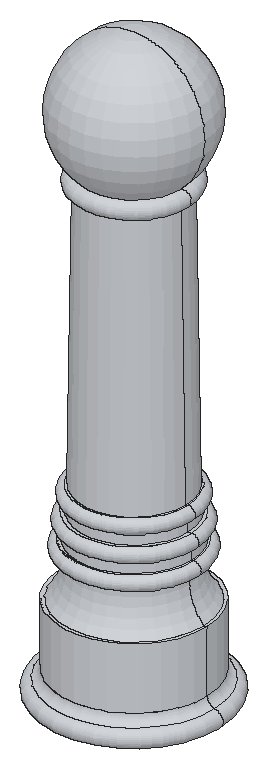
Revit family
Parameters (values of type "SBS 005.5")
  Width = 1' - 2 1/4"
  URL = "www.strombergarchitectural.com"
  Top Material = GFRC
  Submittal Sheet = "www.strombergarchitectural.com/images/materials/gfrc/submittal/gfrc-submittal-sheet.pdf"
  Specifications = "www.strombergarchitectural.com/gfrcspecifications"
  Model Cut-sheet = "www.strombergarchitectural.com/products/bollards/design/SBS-005"
  Model = "SBS 005"
  Manufacturer = "Stromberg Architectural Products"
  Guidebook = "www.strombergarchitectural.com/images/materials/gfrc/handbooks/gfrc_guidebook.pdf"
  Frame Material = none
  Description = "GFRC Bollard"
  Assembly Code = ""
  Height = 4' - 0"
  XXX.5 = yes
  XXX.4 = no
  XXX.3 = no
  XXX.2 = no
  XXX.1 = no
Types (6): name | Width | Guidebook | Height | XXX.5 | XXX.4 | XXX.3 | XXX.2 | XXX.1
  (no name) | 1' - 2 1/4" | "www.strombergarchitectural.com/images/materials/gfrc/handbooks/gfrc_guidebook.pdf" | 4' - 0" | yes | no | no | no | no
  SBS 005.3 | 0' - 10 3/4" | "www.strombergarchitectural.com/images/materials/gfrc/handbooks/gfrc_guidebook.pdf" | 3' - 0" | no | no | yes | no | no
  SBS 005.1 | 0' - 7 1/4" | "www.strombergarchitectural.com/images/materials/gfrc/handbooks/gfrc_guidebook.pdf   \r\n(http://www.strombergarchitectural.com/images/materials/gfrc/handbooks/gfrc_guidebook.pdf" | 2' - 0" | no | no | no | no | yes
  SBS 005.2 | 0' - 9" | "www.strombergarchitectural.com/images/materials/gfrc/handbooks/gfrc_guidebook.pdf" | 2' - 6" | no | no | no | yes | no
  SBS 005.4 | 1' - 0 1/2" | "www.strombergarchitectural.com/images/materials/gfrc/handbooks/gfrc_guidebook.pdf" | 3' - 6" | no | yes | no | no | no
  SBS 005.5 | 1' - 2 1/4" | "www.strombergarchitectural.com/images/materials/gfrc/handbooks/gfrc_guidebook.pdf" | 4' - 0" | yes | no | no | no | no
Reference planes (in)
  plane 1 "Center (Front/Back)": y = 3.74847
  plane 2: z = 0
  plane 3 "Center (Left/Right)": x = 0.7278
  plane 4 "Front": y = -3.25153
  plane 5 "Back": y = 10.74847
Forms (in)
  Revolve 1, solid, visible <- "XXX.1"
    sketch origin (0, 3.74847, 0) x (1, 0, 0) y (0, 0, 1)
      loop
        arc (0.7278, 24) -> (-1.94615, 22.17666) -> (-1.22531, 19.0215) r 2.87236
        arc (-1.22531, 19.0215) -> (-1.56766, 18.67915) -> (-1.22531, 18.3368) r 0.34235
        line (-1.22531, 18.3368) -> (-1.37924, 7.66745) -> (-1.46141, 7.66745)
        arc (-1.46141, 7.66745) -> (-1.73528, 7.39357) -> (-1.46141, 7.11969) r 0.27388
        line (-1.46141, 7.11969) -> (-1.46141, 6.70887) -> (-1.59874, 6.70887)
        arc (-1.59874, 6.70887) -> (-1.87262, 6.43499) -> (-1.59874, 6.16111) r 0.27388
        line (-1.59874, 6.16111) -> (-1.59874, 5.7503) -> (-1.70116, 5.7503)
        arc (-1.70116, 5.7503) -> (-1.97504, 5.47642) -> (-1.70116, 5.20254) r 0.27388
        line (-1.70116, 5.20254) -> (-1.55158, 5.20254)
        arc (-1.55158, 5.20254) -> (-1.63533, 4.31926) -> (-2.09316, 3.55926) r 1.99861
        line (-2.09316, 3.55926) -> (-2.2301, 3.55926) -> (-2.2301, 1.06506)
        arc (-2.2301, 1.06506) -> (-2.30868, 0.82913) -> (-2.51111, 0.6847) r 0.40159
        arc (-2.51111, 0.6847) -> (-2.85346, 0.34235) -> (-2.51111, 0) r 0.34235
        line (-2.51111, 0) -> (0.7278, 0) -> (0.7278, 24)
      axis (0.7278, 24) -> (0.7278, 0)
    angle from 0 to 360
  Revolve 2, solid, visible <- "XXX.2"
    sketch origin (0, 3.74847, 0) x (1, 0, 0) y (0, 0, 1)
      loop
        arc (0.7278, 29.99992) -> (-2.61463, 27.72074) -> (-1.71358, 23.77681) r 3.59044
        arc (-1.71358, 23.77681) -> (-2.14152, 23.34887) -> (-1.71358, 22.92094) r 0.42794
        line (-1.71358, 22.92094) -> (-1.906, 9.58429) -> (-2.0087, 9.58429)
        arc (-2.0087, 9.58429) -> (-2.35105, 9.24194) -> (-2.0087, 8.89959) r 0.34235
        line (-2.0087, 8.89959) -> (-2.0087, 8.38607) -> (-2.18037, 8.38607)
        arc (-2.18037, 8.38607) -> (-2.52272, 8.04372) -> (-2.18037, 7.70137) r 0.34235
        line (-2.18037, 7.70137) -> (-2.18037, 7.18785) -> (-2.30839, 7.18785)
        arc (-2.30839, 7.18785) -> (-2.65074, 6.8455) -> (-2.30839, 6.50315) r 0.34235
        line (-2.30839, 6.50315) -> (-2.12142, 6.50315)
        arc (-2.12142, 6.50315) -> (-2.2261, 5.39905) -> (-2.79839, 4.44906) r 2.49826
        line (-2.79839, 4.44906) -> (-2.96956, 4.44906) -> (-2.96956, 1.33132)
        arc (-2.96956, 1.33132) -> (-3.06779, 1.03641) -> (-3.32083, 0.85587) r 0.50198
        arc (-3.32083, 0.85587) -> (-3.74877, 0.42794) -> (-3.32083, 0) r 0.42794
        line (-3.32083, 0) -> (0.7278, 0) -> (0.7278, 29.99992)
      axis (0.7278, 29.99992) -> (0.7278, 0)
    angle from 0 to 360
  Revolve 3, solid, visible <- "XXX.3"
    sketch origin (0, 3.74847, 0) x (1, 0, 0) y (0, 0, 1)
      loop
        arc (0.7278, 36) -> (-3.28313, 33.26498) -> (-2.20187, 28.53225) r 4.30854
        arc (-2.20187, 28.53225) -> (-2.71539, 28.01873) -> (-2.20187, 27.5052) r 0.51352
        line (-2.20187, 27.5052) -> (-2.43276, 11.50118) -> (-2.55601, 11.50118)
        arc (-2.55601, 11.50118) -> (-2.96683, 11.09036) -> (-2.55601, 10.67954) r 0.41082
        line (-2.55601, 10.67954) -> (-2.55601, 10.06331) -> (-2.76201, 10.06331)
        arc (-2.76201, 10.06331) -> (-3.17283, 9.65249) -> (-2.76201, 9.24167) r 0.41082
        line (-2.76201, 9.24167) -> (-2.76201, 8.62544) -> (-2.91564, 8.62544)
        arc (-2.91564, 8.62544) -> (-3.32646, 8.21462) -> (-2.91564, 7.8038) r 0.41082
        line (-2.91564, 7.8038) -> (-2.69127, 7.8038)
        arc (-2.69127, 7.8038) -> (-2.81689, 6.47888) -> (-3.50363, 5.33889) r 2.99792
        line (-3.50363, 5.33889) -> (-3.70904, 5.33889) -> (-3.70904, 1.59759)
        arc (-3.70904, 1.59759) -> (-3.82692, 1.24369) -> (-4.13057, 1.02705) r 0.60238
        arc (-4.13057, 1.02705) -> (-4.6441, 0.51352) -> (-4.13057, 0) r 0.51352
        line (-4.13057, 0) -> (0.7278, 0) -> (0.7278, 36)
      axis (0.7278, 36) -> (0.7278, 0)
    angle from 0 to 360
  Revolve 4, solid, visible <- "XXX.4"
    sketch origin (0, 3.74847, 0) x (1, 0, 0) y (0, 0, 1)
      loop
        arc (0.7278, 41.99969) -> (-3.95158, 38.80886) -> (-2.69012, 33.28738) r 5.0266
        arc (-2.69012, 33.28738) -> (-3.28923, 32.68827) -> (-2.69012, 32.08917) r 0.59911
        line (-2.69012, 32.08917) -> (-2.9595, 13.41794) -> (-3.10328, 13.41794)
        arc (-3.10328, 13.41794) -> (-3.58257, 12.93865) -> (-3.10328, 12.45937) r 0.47929
        line (-3.10328, 12.45937) -> (-3.10328, 11.74044) -> (-3.34362, 11.74044)
        arc (-3.34362, 11.74044) -> (-3.8229, 11.26116) -> (-3.34362, 10.78187) r 0.47929
        line (-3.34362, 10.78187) -> (-3.34362, 10.06294) -> (-3.52284, 10.06294)
        arc (-3.52284, 10.06294) -> (-4.00213, 9.58366) -> (-3.52284, 9.10437) r 0.47929
        line (-3.52284, 9.10437) -> (-3.26109, 9.10437)
        arc (-3.26109, 9.10437) -> (-3.40764, 7.55864) -> (-4.20884, 6.22866) r 3.49754
        line (-4.20884, 6.22866) -> (-4.44848, 6.22866) -> (-4.44848, 1.86384)
        arc (-4.44848, 1.86384) -> (-4.586, 1.45096) -> (-4.94026, 1.19821) r 0.70277
        arc (-4.94026, 1.19821) -> (-5.53937, 0.59911) -> (-4.94026, 0) r 0.59911
        line (-4.94026, 0) -> (0.7278, 0) -> (0.7278, 41.99969)
      axis (0.7278, 41.99969) -> (0.7278, 0)
    angle from 0 to 360
  Revolve 5, solid, visible <- "XXX.5"
    sketch origin (0, 3.74847, 0) x (1, 0, 0) y (0, 0, 1)
      loop
        arc (0.7278, 47.99942) -> (-4.62004, 44.35278) -> (-3.17838, 38.04254) r 5.74466
        arc (-3.17838, 38.04254) -> (-3.86307, 37.35785) -> (-3.17838, 36.67316) r 0.68469
        line (-3.17838, 36.67316) -> (-3.48623, 15.33472) -> (-3.65056, 15.33472)
        arc (-3.65056, 15.33472) -> (-4.19831, 14.78696) -> (-3.65056, 14.23921) r 0.54775
        line (-3.65056, 14.23921) -> (-3.65056, 13.41758) -> (-3.92523, 13.41758)
        arc (-3.92523, 13.41758) -> (-4.47298, 12.86983) -> (-3.92523, 12.32208) r 0.54775
        line (-3.92523, 12.32208) -> (-3.92523, 11.50045) -> (-4.13006, 11.50045)
        arc (-4.13006, 11.50045) -> (-4.67781, 10.9527) -> (-4.13006, 10.40495) r 0.54775
        line (-4.13006, 10.40495) -> (-3.83091, 10.40495)
        arc (-3.83091, 10.40495) -> (-3.9984, 8.63841) -> (-4.91404, 7.11844) r 3.99717
        line (-4.91404, 7.11844) -> (-5.18792, 7.11844) -> (-5.18792, 2.1301)
        arc (-5.18792, 2.1301) -> (-5.34508, 1.65823) -> (-5.74995, 1.36938) r 0.80316
        arc (-5.74995, 1.36938) -> (-6.43464, 0.68469) -> (-5.74995, 0) r 0.68469
        line (-5.74995, 0) -> (0.7278, 0) -> (0.7278, 47.99942)
      axis (0.7278, 47.99942) -> (0.7278, 0)
    angle from 0 to 360
Dimensions and locks (in)
  aligned and locked: level to plane 2
